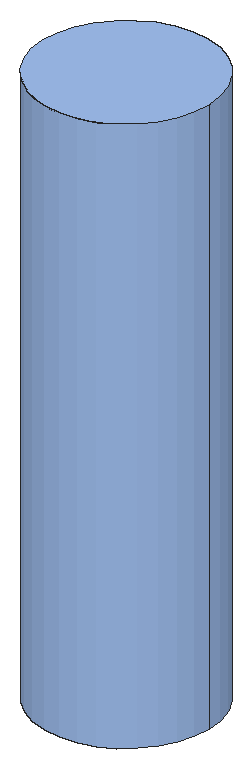
Revit family "$Player_Dog", category Generic Models, Revit 2020
Family settings
  Can host rebar = No
  Round Connector Dimension = Use Diameter
  Part Type = Normal
  Work Plane-Based = No
  Always vertical = Yes
  Cut with Voids When Loaded = No
  Shared = No
  Room Calculation Point = No
Parameters (values of type "SD")
  yes = 2 > 1  # yes
  show_standard [instance] = not(show_overweight)  # yes
  show_overweight [instance] = _property_is_overweight  # no
  no = not(yes)  # no
  mat. = team #1
  _property_team = "team #1"
  _property_positionID = -50
  _property_paycheck = 0
  _property_name = "詹"
  _property_luck = 50
  _property_is_overweight = no
  _property_hold_status = "Starter"
  _property_hold_amount = 1
  _asset_tools = ""
  _asset_skills = ""
  _asset_money = 5000
  _asset_direction = 1
  Default Elevation = 0 mm
Reference planes
  plane 1 "Center (Front/Back)": y = 0
  plane 2: z = 0
  plane 3 "Center (Left/Right)": x = 0
Forms (mm)
  Extrusion 1, solid, material "team #1" <- "mat.", visible <- "show_standard"
    sketch origin (0, 0, 0) x (1, 0, 0) y (0, 1, 0)
      loop
        circle (0, 0) r 260
    from 0 to 1750
  Extrusion 2, solid, material "team #1" <- "mat.", visible <- "show_overweight"
    sketch origin (0, 0, 0) x (1, 0, 0) y (0, 1, 0)
      loop
        circle (0, 0) r 500
    from 0 to 1300
Dimensions and locks
  aligned and locked: plane 2 to level
  aligned and locked: plane 1 "Center (Front/Back)" to nested 1
  aligned and locked: plane 3 "Center (Left/Right)" to nested 1
Nested families
  nested 1: "NAME_SYMBOL" at (0, 0, 0), _property_name <- "_property_name", _property_positionID <- "_property_positionID", type "NAME_SYMBOL"
    with _property_positionID -50, _property_name "詹"
Definition of nested family "NAME_SYMBOL"
  Parameters (values of type "NAME_SYMBOL")
    _property_positionID [instance] = 0
    _property_name [instance] = ""
  Reference planes
    plane 1: y = 0
    plane 2: x = 0
  Lines and regions (mm)
    detail lines
      curve 1: line (-15, -5, 0) -> (15, -5, 0)
      curve 2: line (-15, 5, 0) -> (-15, -5, 0)
      curve 3: line (15, 5, 0) -> (-15, 5, 0)
      curve 4: line (15, -5, 0) -> (15, 5, 0)
  Text (mm)
    label "A\npositionID = _property_positionID" at (0.077, 0.299, 0), shows "_property_name", "_property_positionID"
